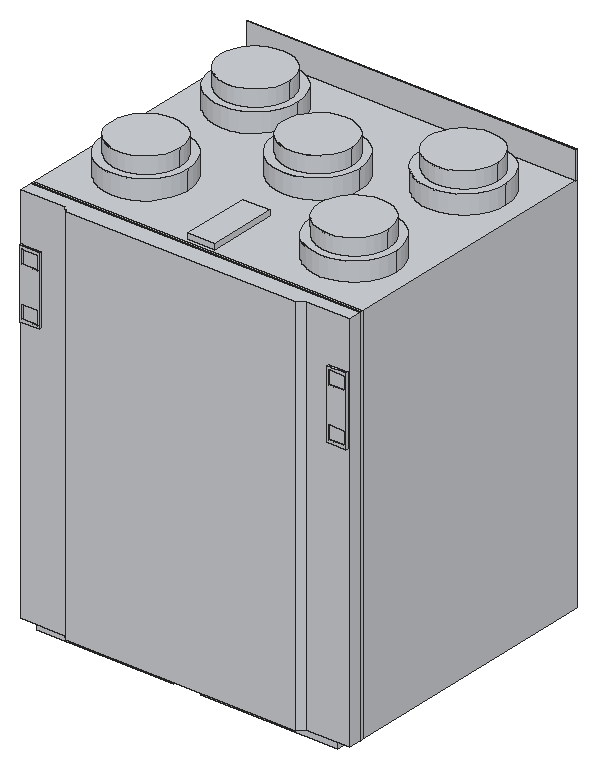
Revit family "210_984d991d2b8f4ab3833f36c949d1b1", category Mechanical Equipment, Revit 2017
Family settings
  Round Connector Dimension = Use Diameter
  Part Type = Breaks Into
  Work Plane-Based = No
  Always vertical = Yes
  Cut with Voids When Loaded = No
  Shared = No
  Room Calculation Point = No
Parameters (values of type "Nordic S2 REL (800111)")
  magiProductId = "984d991d2b8f4ab3833f36c949d1b1"
  magiProductFamilyId = "984d991d2b8f4ab3833f36c949d1b1"
  magiPartTypeId = 210
  fan_pressure_supply [instance] = 0.0 Pa
  fan_pressure_exhaust [instance] = 0.0 Pa
  fan_flow_supply [instance] = 0.0 L/s
  fan_flow_exhaust [instance] = 0.0 L/s
  ang2D [instance] = 0.00°
  YSUP = 370 mm
  YOUT = 370 mm
  YL = 508 mm
  YK = 215 mm
  YEXT = 120 mm
  YEXH = 120 mm
  XT = 50 mm
  XSUP = 490 mm
  XOUT = 110 mm
  XL = 250 mm
  XK = 300 mm
  XEXT = 490 mm
  XEXH = 110 mm
  W2 = 264 mm
  W0 = 518 mm
  W = 500 mm
  VersionID = "2.0/2018.8.28.1/FLEXIT_S3-S2-L_001"
  RC = 62.5 mm
  R1 = 77.5 mm
  R = 62.5 mm
  QmdConnectorList = "221;D;231;D;241;D;249;DC;251;D"
  Productdata [instance] = "© MagiCAD Group, all rights reserved"
  PValue [instance] = 100.0 Pa
  Manufacturer = "Flexit"
  Maintenance Zone Right Depth [instance] = 500 mm
  Maintenance Zone Over Depth [instance] = 500 mm
  MZONL__ve [instance] = -Maintenance Zone Left Depth  # -500 mm
  Maintenance Zone Left Depth [instance] = 500 mm
  MZONF__ve [instance] = -Maintenance Zone Front Depth  # -528 mm
  Maintenance Zone Front Depth [instance] = 528 mm
  Maintenance Zone Back Depth [instance] = 400 mm
  Maintenance Zone Top Visibility [instance] = no
  Maintenance Zone Right Visibility [instance] = no
  Maintenance Zone Left Visibility [instance] = no
  Maintenance Zone Back Visibility [instance] = no
  Maintenance Zone Front Visibility [instance] = no
  MC Ventilation Flow [instance] = 0.0 L/s
  MC Product Code = "Nordic S2 REL (800111)"
  MC Piping Flow [instance] = 0.0 L/s
  MC Cooling Flow [instance] = 0.0 L/s
  LD = 35 mm
  L2 = 300 mm
  HD = 125 mm
  HB = 700 mm
  H = 777 mm
  Description = "Nordic S2 REL (800111)"
  DW = 30 mm
  DL = 64 mm
  DH = 25 mm
  DC = 125 mm
  D = 125 mm
  Clearance Zone Right Depth [instance] = 500 mm
  Clearance Zone Left Depth [instance] = 500 mm
  Clearance Zone Height Depth [instance] = 500 mm
  Clearance Zone Front Depth = 500 mm
  Clearance Zone Back Depth [instance] = 500 mm
  Clearance Zone Visibility [instance] = no
Reference planes
  plane 1 "Center (Front/Back)": y = 0
  plane 2 "XYPLANE": z = 0
  plane 3 "Center (Left/Right)": x = 0
  plane 4 "336": z = 1277
  plane 5 "333": y = -154
  plane 6 "287": y = 262
  plane 7 "285": z = 518
  plane 8 "284": z = 608
  plane 9 "277": x = 280
  plane 10 "276": x = -280
  plane 11 "275": z = 563
  plane 12 "272": x = -300.2
  plane 13 "271": x = 300.2
  plane 14 "270": z = 12.8
  plane 15 "269": z = 713.2
  plane 16 "267": y = -224
  plane 17 "263": y = 5
  plane 18 "262": x = -150
  plane 19 "261": x = 150
  plane 20 "258": x = 220
  plane 21 "257": x = -220
  plane 22 "251": z = 713
  plane 23 "245": z = 13
  plane 24 "235": x = 210
  plane 25 "234": x = -210
  plane 26 "201": y = 49
  plane 27 "200": y = 144
  plane 28 "199": y = -106
  plane 29 "198": y = 144
  plane 30 "197": y = -106
  plane 31 "196": x = 0
  plane 32 "195": x = -190
  plane 33 "194": x = -190
  plane 34 "193": x = 190
  plane 35 "192": x = 190
  plane 36 "133": z = 0
  plane 37 "99": y = -254
  plane 38 "97": x = 300
  plane 39 "59": x = -800
  plane 40 "58": x = 800
  plane 41 "57": y = -764
  plane 42 "56": y = 764
  plane 43 "55": x = -300
  plane 44 "54": x = 300
  plane 45 "53": z = 777
  plane 46 "52": y = -264
  plane 47 "51": y = 264
  plane 48 "48": x = -300
  plane 49 "36": y = 264
  plane 50 "35": x = 0
Forms (mm)
  Blend 1, solid, visible <- "Clearance Zone Visibility"
    base sketch origin (-750, 0, 0) x (1, 0, 0) y (0, 1, 0)
      loop
        line (-50, 764) -> (-50, -764) -> (1550, -764) -> (1550, 764) -> (-50, 764)
    top sketch origin (-750, 0, 0) x (1, 0, 0) y (0, 1, 0)
      loop
        line (-50, 764) -> (-50, -764) -> (1550, -764) -> (1550, 764) -> (-50, 764)
    from 0 to 1277
  Extrusion 2, solid
    sketch origin (-750, 0, 713) x (1, 0, 0) y (0, 1, 0)
      loop
        line (775, -91.5) -> (725, -91.5) -> (725, -216.5) -> (775, -216.5) -> (775, -91.5)
    from 0 to 10
  Extrusion 3, solid
    sketch origin (-750, 0, 713) x (1, 0, 0) y (0, 1, 0)
      loop
        circle (750, 49) r 77.5
    from 0 to 35
  Extrusion 4, solid
    sketch origin (-750, 0, 713) x (1, 0, 0) y (0, 1, 0)
      loop
        circle (560, 144) r 77.5
    from 0 to 35
  Extrusion 5, solid
    sketch origin (-750, 0, 713) x (1, 0, 0) y (0, 1, 0)
      loop
        circle (560, -106) r 77.5
    from 0 to 35
  Extrusion 6, solid
    sketch origin (-750, 0, 713) x (1, 0, 0) y (0, 1, 0)
      loop
        circle (940, 144) r 77.5
    from 0 to 35
  Extrusion 7, solid
    sketch origin (-750, 0, 713) x (1, 0, 0) y (0, 1, 0)
      loop
        circle (940, -106) r 77.5
    from 0 to 35
  Extrusion 8, solid
    sketch origin (750, -254, 0) x (-1, 0, 0) y (0, 0, 1)
      loop
        line (455, 620.5) -> (455, 595.5) -> (485, 595.5) -> (485, 620.5) -> (455, 620.5)
    from 0 to -2
  Extrusion 9, solid
    sketch origin (750, -254, 0) x (-1, 0, 0) y (0, 0, 1)
      loop
        line (455, 530.5) -> (455, 505.5) -> (485, 505.5) -> (485, 530.5) -> (455, 530.5)
    from 0 to -2
  Extrusion 10, solid
    sketch origin (750, -254, 0) x (-1, 0, 0) y (0, 0, 1)
      loop
        line (1015, 620.5) -> (1015, 595.5) -> (1045, 595.5) -> (1045, 620.5) -> (1015, 620.5)
    from 0 to -2
  Extrusion 11, solid
    sketch origin (750, -254, 0) x (-1, 0, 0) y (0, 0, 1)
      loop
        line (1015, 530.5) -> (1015, 505.5) -> (1045, 505.5) -> (1045, 530.5) -> (1015, 530.5)
    from 0 to -2
  Extrusion 12, solid
    sketch origin (-750, 0, 713) x (1, 0, 0) y (0, 1, 0)
      loop
        line (450, 262) -> (1050, 262) -> (1050, 264) -> (450, 264) -> (450, 262)
    from 0 to 50
  Extrusion 13, solid
    sketch origin (750, -254, 0) x (-1, 0, 0) y (0, 0, 1)
      loop
        line (452.5, 625.5) -> (452.5, 500.5) -> (487.5, 500.5) -> (487.5, 625.5) -> (452.5, 625.5)
      loop
        line (455, 530.5) -> (455, 505.5) -> (485, 505.5) -> (485, 530.5) -> (455, 530.5)
      loop
        line (455, 620.5) -> (455, 595.5) -> (485, 595.5) -> (485, 620.5) -> (455, 620.5)
    from 0 to -4
  Extrusion 14, solid
    sketch origin (750, -254, 0) x (-1, 0, 0) y (0, 0, 1)
      loop
        line (1012.5, 625.5) -> (1012.5, 500.5) -> (1047.5, 500.5) -> (1047.5, 625.5) -> (1012.5, 625.5)
      loop
        line (1015, 620.5) -> (1015, 595.5) -> (1045, 595.5) -> (1045, 620.5) -> (1015, 620.5)
      loop
        line (1015, 530.5) -> (1015, 505.5) -> (1045, 505.5) -> (1045, 530.5) -> (1015, 530.5)
    from 0 to -4
  Extrusion 15, solid
    sketch origin (750, -224, 0) x (-1, 0, 0) y (0, 0, 1)
      loop
        line (1050.2, 12.8) -> (1050.2, 713.2) -> (449.8, 713.2) -> (449.8, 12.8) -> (1050.2, 12.8)
    from 0 to -5
  Extrusion 16, solid
    sketch origin (-750, 0, 0) x (1, 0, 0) y (0, 1, 0)
      loop
        line (1025, 259) -> (775, 259) -> (775, -249) -> (1025, -249) -> (1025, 259)
    from 0 to 13
  Extrusion 17, solid
    sketch origin (-750, 0, 0) x (1, 0, 0) y (0, 1, 0)
      loop
        line (725, 259) -> (475, 259) -> (475, -249) -> (725, -249) -> (725, 259)
    from 0 to 13
  Extrusion 18, solid
    sketch origin (-750, 0, 713) x (1, 0, 0) y (0, 1, 0)
      loop
        circle (750, 49) r 62.5
    from 0 to 64 <- "DL"
  Extrusion 19, solid
    sketch origin (-750, 0, 713) x (1, 0, 0) y (0, 1, 0)
      loop
        circle (940, 144) r 62.5
    from 0 to 64 <- "DL"
  Extrusion 20, solid
    sketch origin (-750, 0, 713) x (1, 0, 0) y (0, 1, 0)
      loop
        circle (560, 144) r 62.5
    from 0 to 64 <- "DL"
  Extrusion 21, solid
    sketch origin (-750, 0, 713) x (1, 0, 0) y (0, 1, 0)
      loop
        circle (560, -106) r 62.5
    from 0 to 64 <- "DL"
  Extrusion 22, solid
    sketch origin (-750, 0, 713) x (1, 0, 0) y (0, 1, 0)
      loop
        circle (940, -106) r 62.5
    from 0 to 64 <- "DL"
  Extrusion 23, solid
    sketch origin (-750, 0, 13) x (1, 0, 0) y (0, 1, 0)
      loop
        line (450, 264) -> (450, -254) -> (530, -254) -> (540, -264) -> (960, -264) -> (970, -254) -> (1050, -254) -> (1050, 264) -> (450, 264)
    from 0 to 700 <- "HB"
  Extrusion 24, solid, visible <- "Maintenance Zone Front Visibility"
    sketch origin (750, -264, 0) x (-1, 0, 0) y (0, 0, 1)
      loop
        line (1050, 777) -> (450, 777) -> (450, 0) -> (1050, 0) -> (1050, 777)
    from 0 to -528 <- "MZONF__ve"
  Extrusion 25, solid, visible <- "Maintenance Zone Back Visibility"
    sketch origin (750, 264, 0) x (-1, 0, 0) y (0, 0, 1)
      loop
        line (1050, 0) -> (1050, 777) -> (450, 777) -> (450, 0) -> (1050, 0)
    from 0 to 400 <- "Maintenance Zone Back Depth"
  Extrusion 26, solid, visible <- "Maintenance Zone Left Visibility"
    sketch origin (-300, -750, 0) x (0, 1, 0) y (0, 0, 1)
      loop
        line (1014, 777) -> (486, 777) -> (486, 0) -> (1014, 0) -> (1014, 777)
    from 0 to -500 <- "MZONL__ve"
  Extrusion 27, solid, visible <- "Maintenance Zone Right Visibility"
    sketch origin (300, -750, 0) x (0, 1, 0) y (0, 0, 1)
      loop
        line (1014, 777) -> (486, 777) -> (486, 0) -> (1014, 0) -> (1014, 777)
    from 0 to 500 <- "Maintenance Zone Right Depth"
  Extrusion 28, solid, visible <- "Maintenance Zone Top Visibility"
    sketch origin (-750, 0, 777) x (1, 0, 0) y (0, 1, 0)
      loop
        line (450, 264) -> (450, -264) -> (1050, -264) -> (1050, 264) -> (450, 264)
    from 0 to 500 <- "Maintenance Zone Over Depth"
  Extrusion 29, solid, not visible
    sketch origin (-750, 0, 713) x (1, 0, 0) y (0, 1, 0)
      loop
        circle (750, 49) r 10
    from 0 to -10
  Extrusion 30, solid, not visible
    sketch origin (-750, 0, 713) x (1, 0, 0) y (0, 1, 0)
      loop
        circle (560, -106) r 10
    from 0 to -10
  Extrusion 31, solid, not visible
    sketch origin (-750, 0, 713) x (1, 0, 0) y (0, 1, 0)
      loop
        circle (560, 144) r 10
    from 0 to -10
  Extrusion 32, solid, not visible
    sketch origin (-750, 0, 713) x (1, 0, 0) y (0, 1, 0)
      loop
        circle (940, 144) r 10
    from 0 to -10
  Extrusion 33, solid, not visible
    sketch origin (-750, 0, 713) x (1, 0, 0) y (0, 1, 0)
      loop
        circle (940, -106) r 10
    from 0 to -10
Lines and regions (mm)
  reference lines, not visible
    curve 1: circle (2, 2, 0) r 1 normal (0, 0, 1)
  reference lines
    curve 2: circle (0, -154, 713) r 1 normal (0, 0, 1)
    curve 3: circle (280, -254, 608) r 1 normal (0, -1, 0)
    curve 4: circle (280, -254, 518) r 1 normal (0, -1, 0)
    curve 5: circle (-280, -254, 608) r 1 normal (0, -1, 0)
    curve 6: circle (-280, -254, 518) r 1 normal (0, -1, 0)
    curve 7: circle (280, -254, 563) r 1 normal (0, -1, 0)
    curve 8: circle (280, -254, 518) r 1 normal (0, -1, 0)
    curve 9: circle (280, -254, 608) r 1 normal (0, -1, 0)
    curve 10: circle (-280, -254, 563) r 1 normal (0, -1, 0)
    curve 11: circle (-280, -254, 608) r 1 normal (0, -1, 0)
    curve 12: circle (-280, -254, 518) r 1 normal (0, -1, 0)
    curve 13: circle (150, 5, 0) r 1 normal (0, 0, 1)
    curve 14: circle (-150, 5, 0) r 1 normal (0, 0, 1)
Dimensions and locks
  plane 1 "Center (Front/Back)" to curve 1 = 2 mm
  "Clearance Zone Height Depth": plane 45 "53" to plane 4 "336"
  locked: plane 37 "99" to plane 5 "333" at 100
  locked: plane 49 "36" to plane 6 "287" at 2
  locked: plane 11 "275" to plane 7 "285" at 45
  locked: plane 11 "275" to plane 8 "284" at 45
  locked: plane 38 "97" to plane 9 "277" at 20
  locked: plane 48 "48" to plane 10 "276" at 20
  locked: plane 22 "251" to plane 11 "275" at 150
  locked: plane 48 "48" to plane 12 "272" at 0.2
  locked: plane 38 "97" to plane 13 "271" at 0.2
  locked: plane 23 "245" to plane 14 "270" at 0.2
  locked: plane 22 "251" to plane 15 "269" at 0.2
  locked: plane 49 "36" to plane 16 "267" at 488
  locked: plane 1 "Center (Front/Back)" to plane 17 "263" at 5
  locked: plane 3 "Center (Left/Right)" to plane 18 "262" at 150
  locked: plane 3 "Center (Left/Right)" to plane 19 "261" at 150
  locked: plane 38 "97" to plane 20 "258" at 80
  locked: plane 48 "48" to plane 21 "257" at 80
  "HB": plane 23 "245" to plane 22 "251"
  locked: plane 2 "XYPLANE" to plane 23 "245" at 13
  locked: plane 38 "97" to plane 24 "235" at 90
  locked: plane 48 "48" to plane 25 "234" at 90
  "YK": plane 49 "36" to plane 26 "201"
  "YEXH": plane 49 "36" to plane 27 "200"
  "YOUT": plane 49 "36" to plane 28 "199"
  "YEXT": plane 49 "36" to plane 29 "198"
  "YSUP": plane 49 "36" to plane 30 "197"
  "XK": plane 48 "48" to plane 31 "196"
  "XEXH": plane 48 "48" to plane 32 "195"
  "XOUT": plane 48 "48" to plane 33 "194"
  "XEXT": plane 48 "48" to plane 34 "193"
  "XSUP": plane 48 "48" to plane 35 "192"
  locked: plane 2 "XYPLANE" to plane 36 "133"
  "W0": plane 49 "36" to plane 37 "99"
  "L2": plane 3 "Center (Left/Right)" to plane 38 "97"
  "Clearance Zone Left Depth": plane 43 "55" to plane 39 "59"
  "Clearance Zone Right Depth": plane 44 "54" to plane 40 "58"
  "Clearance Zone Front Depth": plane 46 "52" to plane 41 "57"
  "Clearance Zone Back Depth": plane 47 "51" to plane 42 "56"
  "L2": plane 3 "Center (Left/Right)" to plane 43 "55"
  "L2": plane 3 "Center (Left/Right)" to plane 44 "54"
  "H": plane 2 "XYPLANE" to plane 45 "53"
  "W2": plane 1 "Center (Front/Back)" to plane 46 "52"
  "W2": plane 1 "Center (Front/Back)" to plane 47 "51"
  "L2": plane 3 "Center (Left/Right)" to plane 48 "48"
  "W2": plane 1 "Center (Front/Back)" to plane 49 "36"
  locked: plane 3 "Center (Left/Right)" to plane 50 "35"
  Blend 1 sketch curve to Blend 1 sketch curve = 0 mm  (x16)
  equal spacing: Extrusion 2 sketch curve, curve 2, Extrusion 2 sketch curve  (x2)
  "HD": Extrusion 2 sketch curve to Extrusion 2 sketch curve
  "XT": Extrusion 2 sketch curve to Extrusion 2 sketch curve
  Extrusion 2 sketch curve to Extrusion 2 sketch curve = 0 mm  (x8)
  equal spacing: Extrusion 8 sketch curve, curve 3, Extrusion 8 sketch curve  (x2)
  "DH": Extrusion 8 sketch curve to Extrusion 8 sketch curve
  "DW": Extrusion 8 sketch curve to Extrusion 8 sketch curve
  Extrusion 8 sketch curve to Extrusion 8 sketch curve = 0 mm  (x8)
  equal spacing: Extrusion 9 sketch curve, curve 4, Extrusion 9 sketch curve  (x2)
  "DH": Extrusion 9 sketch curve to Extrusion 9 sketch curve
  "DW": Extrusion 9 sketch curve to Extrusion 9 sketch curve
  Extrusion 9 sketch curve to Extrusion 9 sketch curve = 0 mm  (x8)
  equal spacing: Extrusion 10 sketch curve, curve 5, Extrusion 10 sketch curve  (x2)
  "DH": Extrusion 10 sketch curve to Extrusion 10 sketch curve
  "DW": Extrusion 10 sketch curve to Extrusion 10 sketch curve
  Extrusion 10 sketch curve to Extrusion 10 sketch curve = 0 mm  (x8)
  equal spacing: Extrusion 11 sketch curve, curve 6, Extrusion 11 sketch curve  (x2)
  "DH": Extrusion 11 sketch curve to Extrusion 11 sketch curve
  "DW": Extrusion 11 sketch curve to Extrusion 11 sketch curve
  Extrusion 11 sketch curve to Extrusion 11 sketch curve = 0 mm  (x8)
  Extrusion 12 sketch curve to Extrusion 12 sketch curve = 0 mm  (x8)
  equal spacing: Extrusion 13 sketch curve, curve 7, Extrusion 13 sketch curve  (x2)
  "HD": Extrusion 13 sketch curve to Extrusion 13 sketch curve
  "LD": Extrusion 13 sketch curve to Extrusion 13 sketch curve
  equal spacing: Extrusion 13 sketch curve, curve 8, Extrusion 13 sketch curve  (x2)
  "DH": Extrusion 13 sketch curve to Extrusion 13 sketch curve  (x2)
  "DW": Extrusion 13 sketch curve to Extrusion 13 sketch curve  (x2)
  equal spacing: Extrusion 13 sketch curve, curve 9, Extrusion 13 sketch curve  (x2)
  Extrusion 13 sketch curve to Extrusion 13 sketch curve = 0 mm  (x24)
  equal spacing: Extrusion 14 sketch curve, curve 10, Extrusion 14 sketch curve  (x2)
  "HD": Extrusion 14 sketch curve to Extrusion 14 sketch curve
  "LD": Extrusion 14 sketch curve to Extrusion 14 sketch curve
  equal spacing: Extrusion 14 sketch curve, curve 11, Extrusion 14 sketch curve  (x2)
  "DH": Extrusion 14 sketch curve to Extrusion 14 sketch curve  (x2)
  "DW": Extrusion 14 sketch curve to Extrusion 14 sketch curve  (x2)
  equal spacing: Extrusion 14 sketch curve, curve 12, Extrusion 14 sketch curve  (x2)
  Extrusion 14 sketch curve to Extrusion 14 sketch curve = 0 mm  (x24)
  Extrusion 15 sketch curve to Extrusion 15 sketch curve = 0 mm  (x8)
  equal spacing: Extrusion 16 sketch curve, curve 13, Extrusion 16 sketch curve  (x2)
  "YL": Extrusion 16 sketch curve to Extrusion 16 sketch curve
  "XL": Extrusion 16 sketch curve to Extrusion 16 sketch curve
  Extrusion 16 sketch curve to Extrusion 16 sketch curve = 0 mm  (x8)
  equal spacing: Extrusion 17 sketch curve, curve 14, Extrusion 17 sketch curve  (x2)
  "YL": Extrusion 17 sketch curve to Extrusion 17 sketch curve
  "XL": Extrusion 17 sketch curve to Extrusion 17 sketch curve
  Extrusion 17 sketch curve to Extrusion 17 sketch curve = 0 mm  (x8)
  Extrusion 23 sketch curve to Extrusion 23 sketch curve = 0 mm  (x16)
  Extrusion 24 sketch curve to Extrusion 24 sketch curve = 0 mm  (x8)
  Extrusion 25 sketch curve to Extrusion 25 sketch curve = 0 mm  (x8)
  Extrusion 26 sketch curve to Extrusion 26 sketch curve = 0 mm  (x8)
  Extrusion 27 sketch curve to Extrusion 27 sketch curve = 0 mm  (x8)
  Extrusion 28 sketch curve to Extrusion 28 sketch curve = 0 mm  (x8)
  "R1": radius of Extrusion 3 sketch curve
  "R1": radius of Extrusion 4 sketch curve
  "R1": radius of Extrusion 5 sketch curve
  "R1": radius of Extrusion 6 sketch curve
  "R1": radius of Extrusion 7 sketch curve
  "RC": radius of Extrusion 18 sketch curve
  "R": radius of Extrusion 19 sketch curve
  "R": radius of Extrusion 20 sketch curve
  "R": radius of Extrusion 21 sketch curve
  "R": radius of Extrusion 22 sketch curve
  aligned and locked: level to plane 2 "XYPLANE"
  aligned and locked: Blend 1 sketch curve to plane 39 "59"  (x4)
  aligned and locked: plane 42 "56" to Blend 1 sketch curve  (x2)
  aligned and locked: plane 41 "57" to Blend 1 sketch curve  (x2)
  aligned and locked: Blend 1 sketch curve to plane 40 "58"  (x2)
  aligned and locked: Blend 1 sketch curve to plane 41 "57"  (x2)
  aligned and locked: Blend 1 sketch curve to plane 42 "56"  (x2)
  aligned and locked: plane 40 "58" to Blend 1 sketch curve  (x2)
  aligned and locked: Blend 1 to plane 4 "336"
  aligned and locked: plane 5 "333" to curve 2
  aligned and locked: plane 50 "35" to curve 2
  aligned and locked: plane 26 "201" to Extrusion 3 sketch curve
  aligned and locked: plane 31 "196" to Extrusion 3 sketch curve
  aligned and locked: plane 27 "200" to Extrusion 4 sketch curve
  aligned and locked: plane 32 "195" to Extrusion 4 sketch curve
  aligned and locked: plane 28 "199" to Extrusion 5 sketch curve
  aligned and locked: plane 33 "194" to Extrusion 5 sketch curve
  aligned and locked: plane 29 "198" to Extrusion 6 sketch curve
  aligned and locked: plane 34 "193" to Extrusion 6 sketch curve
  aligned and locked: plane 30 "197" to Extrusion 7 sketch curve
  aligned and locked: plane 35 "192" to Extrusion 7 sketch curve
  aligned and locked: plane 8 "284" to curve 3
  aligned and locked: plane 9 "277" to curve 3
  aligned and locked: plane 7 "285" to curve 4
  aligned and locked: plane 9 "277" to curve 4
  aligned and locked: plane 8 "284" to curve 5
  aligned and locked: plane 10 "276" to curve 5
  aligned and locked: plane 7 "285" to curve 6
  aligned and locked: plane 10 "276" to curve 6
  aligned and locked: plane 48 "48" to Extrusion 12 sketch curve  (x2)
  aligned and locked: plane 6 "287" to Extrusion 12 sketch curve  (x2)
  aligned and locked: plane 49 "36" to Extrusion 12 sketch curve  (x2)
  aligned and locked: plane 38 "97" to Extrusion 12 sketch curve  (x2)
  aligned and locked: plane 9 "277" to curve 7
  aligned and locked: plane 11 "275" to curve 7
  aligned and locked: plane 7 "285" to curve 8
  aligned and locked: plane 9 "277" to curve 8
  aligned and locked: plane 8 "284" to curve 9
  aligned and locked: plane 9 "277" to curve 9
  aligned and locked: plane 10 "276" to curve 10
  aligned and locked: plane 11 "275" to curve 10
  aligned and locked: plane 8 "284" to curve 11
  aligned and locked: plane 10 "276" to curve 11
  aligned and locked: plane 7 "285" to curve 12
  aligned and locked: plane 10 "276" to curve 12
  aligned and locked: Extrusion 15 sketch curve to plane 12 "272"
  aligned and locked: plane 14 "270" to Extrusion 15 sketch curve
  aligned and locked: plane 15 "269" to Extrusion 15 sketch curve  (x2)
  aligned and locked: plane 12 "272" to Extrusion 15 sketch curve
  aligned and locked: plane 13 "271" to Extrusion 15 sketch curve  (x2)
  aligned and locked: Extrusion 15 sketch curve to plane 14 "270"
  aligned and locked: plane 17 "263" to curve 13
  aligned and locked: plane 19 "261" to curve 13
  aligned and locked: plane 17 "263" to curve 14
  aligned and locked: plane 18 "262" to curve 14
  aligned and locked: plane 26 "201" to Extrusion 18 sketch curve
  aligned and locked: plane 31 "196" to Extrusion 18 sketch curve
  aligned and locked: plane 29 "198" to Extrusion 19 sketch curve
  aligned and locked: plane 34 "193" to Extrusion 19 sketch curve
  aligned and locked: plane 27 "200" to Extrusion 20 sketch curve
  aligned and locked: plane 32 "195" to Extrusion 20 sketch curve
  aligned and locked: plane 28 "199" to Extrusion 21 sketch curve
  aligned and locked: plane 33 "194" to Extrusion 21 sketch curve
  aligned and locked: plane 30 "197" to Extrusion 22 sketch curve
  aligned and locked: plane 35 "192" to Extrusion 22 sketch curve
  aligned and locked: Extrusion 23 sketch curve to plane 49 "36"
  aligned and locked: plane 48 "48" to Extrusion 23 sketch curve  (x2)
  aligned and locked: plane 38 "97" to Extrusion 23 sketch curve  (x2)
  aligned and locked: plane 49 "36" to Extrusion 23 sketch curve
  aligned and locked: plane 37 "99" to Extrusion 23 sketch curve  (x4)
  aligned and locked: plane 20 "258" to Extrusion 23 sketch curve
  aligned and locked: plane 24 "235" to Extrusion 23 sketch curve
  aligned and locked: plane 46 "52" to Extrusion 23 sketch curve  (x2)
  aligned and locked: plane 25 "234" to Extrusion 23 sketch curve
  aligned and locked: plane 21 "257" to Extrusion 23 sketch curve
  aligned and locked: plane 45 "53" to Extrusion 24 sketch curve  (x2)
  aligned and locked: plane 43 "55" to Extrusion 24 sketch curve  (x2)
  aligned and locked: plane 44 "54" to Extrusion 24 sketch curve  (x2)
  aligned and locked: plane 36 "133" to Extrusion 24 sketch curve  (x2)
  aligned and locked: plane 36 "133" to Extrusion 25 sketch curve  (x2)
  aligned and locked: plane 43 "55" to Extrusion 25 sketch curve  (x2)
  aligned and locked: plane 44 "54" to Extrusion 25 sketch curve  (x2)
  aligned and locked: plane 45 "53" to Extrusion 25 sketch curve  (x2)
  aligned and locked: plane 45 "53" to Extrusion 26 sketch curve  (x2)
  aligned and locked: plane 47 "51" to Extrusion 26 sketch curve
  aligned and locked: plane 46 "52" to Extrusion 26 sketch curve
  aligned and locked: plane 36 "133" to Extrusion 26 sketch curve  (x2)
  aligned and locked: Extrusion 26 sketch curve to plane 46 "52"
  aligned and locked: Extrusion 26 sketch curve to plane 47 "51"
  aligned and locked: plane 45 "53" to Extrusion 27 sketch curve  (x2)
  aligned and locked: plane 47 "51" to Extrusion 27 sketch curve
  aligned and locked: plane 46 "52" to Extrusion 27 sketch curve
  aligned and locked: plane 36 "133" to Extrusion 27 sketch curve  (x2)
  aligned and locked: Extrusion 27 sketch curve to plane 46 "52"
  aligned and locked: Extrusion 27 sketch curve to plane 47 "51"
  aligned and locked: Extrusion 28 sketch curve to plane 43 "55"
  aligned and locked: plane 47 "51" to Extrusion 28 sketch curve  (x2)
  aligned and locked: plane 46 "52" to Extrusion 28 sketch curve  (x2)
  aligned and locked: plane 43 "55" to Extrusion 28 sketch curve
  aligned and locked: plane 44 "54" to Extrusion 28 sketch curve  (x2)
  aligned and locked: plane 26 "201" to Extrusion 29 sketch curve
  aligned and locked: plane 31 "196" to Extrusion 29 sketch curve
  aligned and locked: plane 28 "199" to Extrusion 30 sketch curve
  aligned and locked: plane 33 "194" to Extrusion 30 sketch curve
  aligned and locked: plane 27 "200" to Extrusion 31 sketch curve
  aligned and locked: plane 32 "195" to Extrusion 31 sketch curve
  aligned and locked: plane 29 "198" to Extrusion 32 sketch curve
  aligned and locked: plane 34 "193" to Extrusion 32 sketch curve
  aligned and locked: plane 30 "197" to Extrusion 33 sketch curve
  aligned and locked: plane 35 "192" to Extrusion 33 sketch curve
Automatic sketch dimensions
  Extrusion 29 sketch curve to Extrusion 29 sketch curve = 10 mm
  Extrusion 30 sketch curve to plane 28 "199" = 10 mm
  Extrusion 31 sketch curve to plane 27 "200" = 10 mm
  Extrusion 32 sketch curve to plane 27 "200" = 10 mm
  Extrusion 33 sketch curve to plane 28 "199" = 10 mm
  plane 3 "Center (Left/Right)" to curve 1 = 2 mm
  Extrusion 2 sketch curve to plane 3 "Center (Left/Right)" = 25 mm
  plane 16 "267" to Extrusion 2 sketch curve = 7.5 mm
  Extrusion 8 sketch curve to plane 38 "97" = 5 mm
  Extrusion 8 sketch curve to plane 8 "284" = 12.5 mm
  Extrusion 9 sketch curve to plane 38 "97" = 5 mm
  Extrusion 9 sketch curve to plane 7 "285" = 12.5 mm
  plane 10 "276" to Extrusion 10 sketch curve = 15 mm
  Extrusion 10 sketch curve to plane 8 "284" = 12.5 mm
  plane 10 "276" to Extrusion 11 sketch curve = 15 mm
  Extrusion 11 sketch curve to plane 7 "285" = 12.5 mm
  Extrusion 13 sketch curve to plane 38 "97" = 2.5 mm
  Extrusion 13 sketch curve to plane 38 "97" = 5 mm  (x2)
  Extrusion 13 sketch curve to plane 7 "285" = 17.5 mm
  Extrusion 13 sketch curve to Extrusion 13 sketch curve = 5 mm
  Extrusion 13 sketch curve to plane 8 "284" = 12.5 mm
  plane 10 "276" to Extrusion 14 sketch curve = 17.5 mm
  Extrusion 14 sketch curve to Extrusion 14 sketch curve = 2.5 mm
  plane 10 "276" to Extrusion 14 sketch curve = 15 mm
  Extrusion 14 sketch curve to plane 7 "285" = 17.5 mm
  Extrusion 14 sketch curve to Extrusion 14 sketch curve = 5 mm
  Extrusion 14 sketch curve to plane 8 "284" = 12.5 mm
  Extrusion 16 sketch curve to plane 6 "287" = 3 mm
  plane 3 "Center (Left/Right)" to Extrusion 16 sketch curve = 25 mm
  plane 10 "276" to Extrusion 17 sketch curve = 5 mm
  plane 37 "99" to Extrusion 17 sketch curve = 5 mm
  radius of curve 2 = 1 mm
  radius of curve 3 = 1 mm
  radius of curve 4 = 1 mm
  radius of curve 5 = 1 mm
  radius of curve 6 = 1 mm
  radius of curve 7 = 1 mm
  radius of curve 8 = 1 mm
  radius of curve 9 = 1 mm
  radius of curve 10 = 1 mm
  radius of curve 11 = 1 mm
  radius of curve 12 = 1 mm
  radius of curve 13 = 1 mm
  radius of curve 14 = 1 mm
  radius of curve 1 = 1 mm
Connectors
  hvac at (190, -106, 713), driven by "D"
    settings: on Extrusion 33, index 1, duct flow 0.0 L/s, flow factor 0, pres drop 0.0 Pa, loss coef 0, conn angle 0.00°, conn width 304.8 mm, conn height 304.8 mm, conn diameter 125 mm, duct sys type 1, conn prof type 0, flow config 0, flow direction 2, loss method 0, conn ref index -1, conn util no, is conn primary yes, conn desc ""
  hvac at (-190, -106, 713), driven by "D"
    settings: on Extrusion 30, index 2, duct flow 0.0 L/s, flow factor 0, pres drop 0.0 Pa, loss coef 0, conn angle 0.00°, conn width 304.8 mm, conn height 304.8 mm, conn diameter 125 mm, duct sys type 1, conn prof type 0, flow config 0, flow direction 1, loss method 0, conn ref index -1, conn util no, is conn primary no, conn desc ""
  hvac at (190, 144, 713), driven by "D"
    settings: on Extrusion 32, index 3, duct flow 0.0 L/s, flow factor 0, pres drop 0.0 Pa, loss coef 0, conn angle 0.00°, conn width 304.8 mm, conn height 304.8 mm, conn diameter 125 mm, duct sys type 2, conn prof type 0, flow config 0, flow direction 1, loss method 0, conn ref index -1, conn util no, is conn primary no, conn desc ""
  hvac at (0, 49, 713), driven by "DC"
    settings: on Extrusion 29, index 4, duct flow 0.0 L/s, flow factor 0, pres drop 0.0 Pa, loss coef 0, conn angle 0.00°, conn width 304.8 mm, conn height 304.8 mm, conn diameter 125 mm, duct sys type 2, conn prof type 0, flow config 0, flow direction 1, loss method 0, conn ref index -1, conn util no, is conn primary no, conn desc ""
  hvac at (-190, 144, 713), driven by "D"
    settings: on Extrusion 31, index 5, duct flow 0.0 L/s, flow factor 0, pres drop 0.0 Pa, loss coef 0, conn angle 0.00°, conn width 304.8 mm, conn height 304.8 mm, conn diameter 125 mm, duct sys type 3, conn prof type 0, flow config 0, flow direction 2, loss method 0, conn ref index -1, conn util no, is conn primary no, conn desc ""
